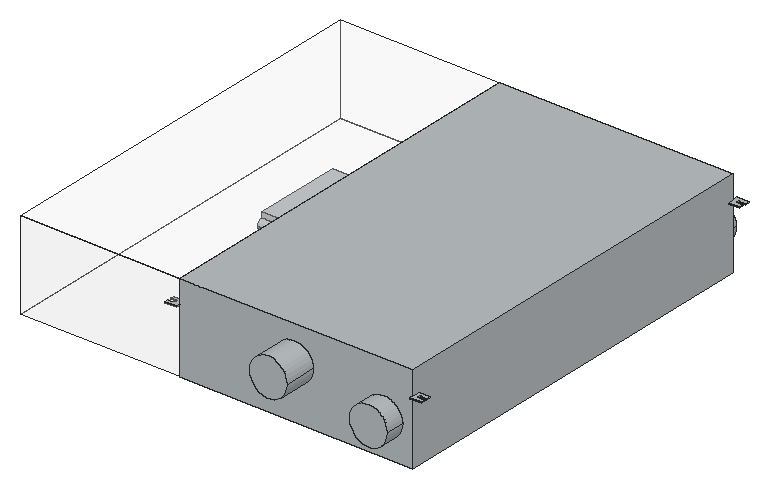
Revit family "lgh-n35_100rdf4(-dm)_60Hz", category 機械設備, Revit 2019
Family settings
  丸型コネクタ寸法 = 直径を使用
  パーツ タイプ = 標準
  OmniClass 番号 = 23.75.10.34.21
  OmniClass タイトル = Heat Exchangers for Ventilation Air
  作業面ベース = いいえ
  常に垂直 = はい
  ロード時にボイドで切り取り = いいえ
  共有 = いいえ
  部屋計算ポイント = はい
Parameters (values of type "LGH-N35RDF4-DM")
  騒音レベル(dB(A)) = 37
  風量 = MAX風量  # 350.0 m³/h
  面風速 = 5.5 m/s
  電源種別 [instance] = ""
  電圧 = 200 V
  電動機出力 = 0 W
  集中コントローラ = ""
  運転質量 = 0.00 kg
  連動 [instance] = ""
  質量 = if(製品質量 > 運転質量, 製品質量, 運転質量) * 1.2  # 73.20 kg
  負荷分類 = 3_ファン類
  説明 = "業務用ロスナイ 外気処理ユニット(天井埋込形加熱加湿付直膨タイプ)"
  設計風量 = 0.0 m³/h
  設置方法 = "天井吊(隠ぺい)形"
  記号 [instance] = ""
  製造元 = "三菱電機株式会社"
  製品質量 = 61.00 kg
  製品出荷対象 = "国内"
  製品リリース年月 = "2023/3/14"
  製品グループ = ""
  給水管_W = 446 mm
  給水管_H = 123 mm
  給水管_Depth = 29 mm
  系統 [instance] = ""
  符号 = "HEU"
  積算_科目 = "1 空気調和設備"
  積算_拾い区分 [instance] = ""
  相 = 1
  盤記号 [instance] = ""
  発停方法 [instance] = ""
  特殊仕様 [instance] = ""
  点検口高さ = -Height  # -331 mm
  点検口離隔 = 150 mm
  点検口2_Width = 点検口2_Depth  # 450 mm
  点検口1_Width = 点検口1_Depth  # 450 mm
  点検口2_Depth = 450 mm
  点検口1_Depth = 450 mm
  点検口1_Center = 444 mm
  点検口 = yes
  火災停止 [instance] = ""
  温度交換効率 = 70.50%
  消費電力_加湿器 = 0 W
  消費電力 = 235 W
  法定耐用年数 = "15"
  機外静圧_排気 = 235.0 Pa
  機外静圧 = 235.0 Pa
  極数 = 3
  材質 [instance] = ""
  本体マテリアル = 溶融亜鉛めっき鋼板
  有効加湿量 = 2.4
  操作・制御方式 = ""
  操作・制御スイッチ = ""
  排気量 = 0.0 m³/h
  形式_加湿器 = ""
  形式 = "天井埋込ダクト形"
  幹線記号 [instance] = ""
  対象室 [instance] = ""
  実風量 = 0.0 m³/h
  始動方式 [instance] = "直入"
  天吊金具_径 = 6.5 mm
  天吊金具_幅2 = 20 mm
  天吊金具_幅 = 20 mm
  天吊金具_D = 4 mm
  天吊金具_80_100 = not(天吊金具_35_50)  # no
  天吊金具_35_50 = yes
  外気量 = 0.0 m³/h
  呼称 = "全熱交換ユニット"
  周波数 = 60 Hz
  吊りボルトピッチ2 = 1493 mm
  吊りボルトピッチ1 = 922 mm
  吊りボルト_高さ = 85 mm
  参照している仕様書等のバージョン = "公共建築物標準仕様書（機械設備工事編）平成31年度版"
  加湿給水管径 = 23 mm
  初期抵抗 = 0.0 Pa
  分類コード = "50052504100070"
  分類グループ = ""
  冷媒液管径 = 6.35 mm
  冷媒液管_H = 114 mm
  冷媒液管_Depth = 105 mm
  冷媒ガス管径 = 12.7 mm
  冷媒ガス管_H = 169 mm
  価格 = 0
  企業コード = "108420"
  付属品_フィルター_還気 = ""
  付属品_フィルター = ""
  付属品 [instance] = ""
  仕様書バージョン = "Version1.0"
  モデル = "LGH-N35RDF4-DM"
  メンテナンススペース = yes
  ドレン管径 = 32 mm
  ドレン管_W = 460 mm
  ドレン管_H = 292 mm
  ドレン管_Depth = 64 mm
  コメント [instance] = ""
  Keynote = ""
  冷媒ガス管_Depth = 110 mm
  エンタルピ交換効率_暖房 = 70.00%
  エンタルピ交換効率_冷房 = 60.00%
  Assembly Code = ""
  Width = 874 mm
  Version = ""
  Uniclass2015Version = "Systems v1.9"
  Uniclass2015Title = "Thermal wheels"
  Uniclass2015Code = "Pr_60_60_36_88"
  URL = "https://www.mitsubishielectric.co.jp/ldg/wink/qr/002/324135/"
  SpecificationReference = ""
  SpecificationDescription = ""
  SAサイズ_D = 142 mm
  Revision = ""
  冷媒液管_W = 358 mm
  冷媒ガス管_W = 306 mm
  RAサイズ_D = 142 mm
  ProductInformation = ""
  OmniClassCode = "23-27 23 19 11"
  OAダクト接続口方向_通常 = yes
  OAダクト接続口方向_変更 = not(OAダクト接続口方向_通常)  # no
  OAサイズ_D = 142 mm
  MIN風量 = 154.0 m³/h
  MIN静圧 = 45.0 Pa
  MID風量 = 252.0 m³/h
  MID静圧 = 122.0 Pa
  MAX風量 = 350.0 m³/h
  MAX静圧 = 235.0 Pa
  IfcTypeProduct = ""
  IfcProduct = ""
  IfcExportType = "ROTARYWHEEL"
  IfcExportAs = "IfcAirToAirHeatRecoveryType"
  Height = 331 mm
  EAダクト接続口方向_通常 = yes
  EAダクト接続口方向_変更 = not(EAダクト接続口方向_通常)  # no
  EAサイズ_D = 142 mm
  Duct_Width_SA = 428 mm
  Duct_Pitch_SA_RA = 335 mm
  Duct_Pitch_OA_EA = 650 mm
  Duct_Height_SA = 203 mm
  Duct_Height_RA = 136 mm
  Duct_Height = 111 mm
  Duct_Depth_SA = 120 mm
  Duct_Depth_RA = 70 mm
  Duct_Depth_OA_EA = 64 mm
  Duct_Change_Center = 124 mm
  Depth = 1501 mm
  Clearance Top = 0 mm
  Clearance Left = 600 mm
  Clearance Bottom = 0 mm
  Box_Depth = 116 mm
  Box_Height = 260 mm
  Box_H = 23 mm
  Box_Width = 334 mm
  Box_W = 528 mm
  Author = "三菱電機株式会社"
Types (7, lengths in mm): name | 騒音レベル(dB(A)) | 風量 | 面風速 | 質量 | 製品質量 | 給水管_W | 給水管_H | 点検口高さ | 点検口2_Width | 点検口1_Width | 点検口2_Depth | 点検口1_Depth | 点検口1_Center | 温度交換効率 | 消費電力 | 機外静圧_排気 | 機外静圧 | 有効加湿量 | 天吊金具_径 | 天吊金具_幅2 | 天吊金具_幅 | 天吊金具_D | 天吊金具_80_100 | 天吊金具_35_50 | 吊りボルトピッチ2 | 吊りボルトピッチ1 | 吊りボルト_高さ | 冷媒液管径 | 冷媒液管_H | 冷媒液管_Depth | 冷媒ガス管径 | 冷媒ガス管_H | モデル | ドレン管_W | ドレン管_H | ドレン管_Depth | 冷媒ガス管_Depth | エンタルピ交換効率_暖房 | エンタルピ交換効率_冷房 | Width | URL | SAサイズ_D | 冷媒液管_W | 冷媒ガス管_W | RAサイズ_D | OAサイズ_D | MIN風量 | MIN静圧 | MID風量 | MID静圧 | MAX風量 | MAX静圧 | Height | EAサイズ_D | Duct_Width_SA | Duct_Pitch_SA_RA | Duct_Pitch_OA_EA | Duct_Height_SA | Duct_Height_RA | Duct_Height | Duct_Depth_SA | Duct_Depth_RA | Duct_Depth_OA_EA | Duct_Change_Center | Depth | Clearance Left | Box_H | Box_W
  LGH-N35RDF4-DM | 37 | 350.0 m³/h | 5.5 m/s | 73.20 kg | 61.00 kg | 446 | 123 | -331 | 450 | 450 | 450 | 450 | 444 | 70.50% | 235 W | 235.0 Pa | 235.0 Pa | 2.4 | 6.5 | 20 | 20 | 4 | no | yes | 1493 | 922 | 85 | 6.35 | 114 | 105 | 12.7 | 169 | "LGH-N35RDF4-DM" | 460 | 292 | 64 | 110 | 70.00% | 60.00% | 874 | "https://www.mitsubishielectric.co.jp/ldg/wink/qr/002/324135/" | 142 | 358 | 306 | 142 | 142 | 154.0 m³/h | 45.0 Pa | 252.0 m³/h | 122.0 Pa | 350.0 m³/h | 235.0 Pa | 331 | 142 | 428 | 335 | 650 | 203 | 136 | 111 | 120 | 70 | 64 | 124 | 1501 | 600 | 23 | 528
  LGH-N50RDF4 | 37.5 | 500.0 m³/h | 4.4 m/s | 76.80 kg | 64.00 kg | 446 | 123 | -331 | 450 | 450 | 450 | 450 | 444 | 74.00% | 300 W | 250.0 Pa | 250.0 Pa | 3.2 | 6.5 | 20 | 20 | 4 | no | yes | 1493 | 1064 | 85 | 6.35 | 114 | 105 | 12.7 | 169 | "LGH-N50RDF4" | 436 | 30 | 29 | 110 | 73.00% | 64.50% | 1016 | "https://www.mitsubishielectric.co.jp/ldg/wink/qr/002/324137/" | 192 | 358 | 306 | 192 | 192 | 220.0 m³/h | 48.0 Pa | 360.0 m³/h | 130.0 Pa | 500.0 m³/h | 250.0 Pa | 331 | 192 | 428 | 446 | 745 | 203 | 136 | 136 | 85 | 85 | 79 | 124 | 1501 | 600 | 23 | 528
  LGH-N50RDF4-DM | 37.5 | 500.0 m³/h | 4.4 m/s | 76.80 kg | 64.00 kg | 446 | 123 | -331 | 450 | 450 | 450 | 450 | 444 | 74.00% | 300 W | 250.0 Pa | 250.0 Pa | 3.2 | 6.5 | 20 | 20 | 4 | no | yes | 1493 | 1064 | 85 | 6.35 | 114 | 105 | 12.7 | 169 | "LGH-N50RDF4-DM" | 460 | 292 | 64 | 110 | 73.00% | 64.50% | 1016 | "https://www.mitsubishielectric.co.jp/ldg/wink/qr/002/324146/" | 192 | 358 | 306 | 192 | 192 | 220.0 m³/h | 48.0 Pa | 360.0 m³/h | 130.0 Pa | 500.0 m³/h | 250.0 Pa | 331 | 192 | 428 | 446 | 745 | 203 | 136 | 136 | 85 | 85 | 79 | 124 | 1501 | 600 | 23 | 528
  LGH-N80RDF4 | 37 | 800.0 m³/h | 4.5 m/s | 116.40 kg | 97.00 kg | 445 | 146 | -404 | 600 | 600 | 600 | 600 | 572 | 75.00% | 465 W | 240.0 Pa | 240.0 Pa | 4.8 | 7.5 | 30 | 16 | 45.2 | yes | no | 1418 | 1271 | 401 | 6.35 | 138 | 105 | 12.7 | 193 | "LGH-N80RDF4" | 421 | 29 | 29 | 110 | 72.50% | 63.50% | 1231 | "https://www.mitsubishielectric.co.jp/ldg/wink/qr/002/324141/" | 242 | 357 | 305 | 242 | 242 | 352.0 m³/h | 46.0 Pa | 576.0 m³/h | 124.0 Pa | 800.0 m³/h | 240.0 Pa | 404 | 242 | 323 | 735 | 917 | 241 | 199 | 162 | 85 | 85 | 79 | 165 | 1765 | 800 | 83 | 557
  LGH-N80RDF4-DM | 37 | 800.0 m³/h | 4.5 m/s | 116.40 kg | 97.00 kg | 445 | 146 | -404 | 600 | 600 | 600 | 600 | 572 | 75.00% | 465 W | 240.0 Pa | 240.0 Pa | 4.8 | 7.5 | 30 | 16 | 45.2 | yes | no | 1418 | 1271 | 401 | 6.35 | 138 | 105 | 12.7 | 193 | "LGH-N80RDF4-DM" | 459 | 292 | 64 | 110 | 72.50% | 63.50% | 1231 | "https://www.mitsubishielectric.co.jp/ldg/wink/qr/002/324143/" | 242 | 357 | 305 | 242 | 242 | 352.0 m³/h | 46.0 Pa | 576.0 m³/h | 124.0 Pa | 800.0 m³/h | 240.0 Pa | 404 | 242 | 323 | 735 | 917 | 241 | 199 | 162 | 85 | 85 | 79 | 165 | 1765 | 800 | 83 | 557
  LGH-N100RDF4 | 39.5 | 1000.0 m³/h | 5.7 m/s | 117.60 kg | 98.00 kg | 445 | 146 | -404 | 600 | 600 | 600 | 600 | 572 | 71.00% | 655 W | 235.0 Pa | 235.0 Pa | 6.4 | 7.5 | 30 | 16 | 45.2 | yes | no | 1418 | 1271 | 401 | 9.52 | 138 | 110 | 15.88 | 193 | "LGH-N100RDF4" | 421 | 29 | 29 | 115 | 71.00% | 62.50% | 1231 | "https://www.mitsubishielectric.co.jp/ldg/wink/qr/002/324145/" | 242 | 357 | 305 | 242 | 242 | 440.0 m³/h | 45.0 Pa | 720.0 m³/h | 122.0 Pa | 1000.0 m³/h | 235.0 Pa | 404 | 242 | 323 | 735 | 917 | 241 | 199 | 162 | 85 | 85 | 79 | 165 | 1765 | 800 | 83 | 557
  LGH-N100RDF4-DM | 39.5 | 1000.0 m³/h | 5.7 m/s | 117.60 kg | 98.00 kg | 445 | 146 | -404 | 600 | 600 | 600 | 600 | 572 | 71.00% | 655 W | 235.0 Pa | 235.0 Pa | 6.4 | 7.5 | 30 | 16 | 45.2 | yes | no | 1418 | 1271 | 401 | 9.52 | 138 | 110 | 15.88 | 193 | "LGH-N100RDF4-DM" | 459 | 292 | 64 | 115 | 71.00% | 62.50% | 1231 | "https://www.mitsubishielectric.co.jp/ldg/wink/qr/002/324133/" | 242 | 357 | 305 | 242 | 242 | 440.0 m³/h | 45.0 Pa | 720.0 m³/h | 122.0 Pa | 1000.0 m³/h | 235.0 Pa | 404 | 242 | 323 | 735 | 917 | 241 | 199 | 162 | 85 | 85 | 79 | 165 | 1765 | 800 | 83 | 557
Reference planes
  plane 1 "中心(正面/背面)": y = 0
  plane 2: z = 0
  plane 3 "中心(左/右)": x = 0
  plane 4: x = -437
  plane 5: x = 437
  plane 6: y = 750.5
  plane 7: y = -750.5
  plane 8: z = -331
  plane 9: z = -220
  plane 10: z = -128
  plane 11: x = 326
  plane 12: x = -9
  plane 13: y = -870.5
  plane 14: y = 814.5
  plane 15: x = -325
  plane 16: x = 325
  plane 17: y = -222.5
  plane 18: z = -48
  plane 19: y = 111.5
  plane 20: z = -308
  plane 21: x = -553
  plane 22: y = -444.5
  plane 23: y = -392.5
  plane 24: y = -290.5
  plane 25: y = -304.5
  plane 26: z = -162
  plane 27: z = -217
  plane 28: z = -39
  plane 29: z = -208
  plane 30: x = -547
  plane 31: x = -466
  plane 32: x = -501
  plane 33: x = -542
  plane 34: y = 626.5
  plane 35: x = -557
  plane 36: x = 557
  plane 37: x = -1037
  plane 38: z = 0
  plane 39: y = -300.5
  plane 40: x = -587
  plane 41: y = 531.5
  plane 42: x = -461
  plane 43: x = 461
  plane 44: y = -746.5
  plane 45: y = 746.5
  plane 46: y = 306.5
  plane 47: y = 81.5
  plane 48: x = -481
  plane 49: x = 481
  plane 50: y = 726.5
  plane 51: y = 766.5
  plane 52: z = -85
  plane 53: z = -88
  plane 54: y = -726.5
  plane 55: y = -766.5
  plane 56: z = -331
  plane 57: z = -195
  plane 58: y = -820.5
  plane 59: y = -710.5
  plane 60: y = -782.5
  plane 61: y = 710.5
  plane 62: y = 782.5
Forms (mm)
  Extrusion 1, solid, material "溶融亜鉛めっき鋼板" <- "本体マテリアル", detail levels fine
    sketch origin (0, 0, 0) x (1, 0, 0) y (0, 1, 0)
      loop
        line (-437, 750.5) -> (-437, -750.5) -> (437, -750.5) -> (437, 750.5) -> (-437, 750.5)
    from 0 to -331
  Extrusion 2, solid, material "溶融亜鉛めっき鋼板" <- "本体マテリアル", detail levels fine
    sketch origin (0, 0, 0) x (1, 0, 0) y (0, 0, 1)
      loop
        circle (-9, -128) r 71
    from 750.5 to 870.5
  Extrusion 3, solid, material "溶融亜鉛めっき鋼板" <- "本体マテリアル", visible <- "OAダクト接続口方向_通常", detail levels fine
    sketch origin (0, 0, 0) x (1, 0, 0) y (0, 0, 1)
      loop
        circle (-325, -220) r 71
    from -814.5 to -750.5
  Extrusion 4, solid, material "溶融亜鉛めっき鋼板" <- "本体マテリアル", visible <- "EAダクト接続口方向_通常", detail levels fine
    sketch origin (0, 0, 0) x (1, 0, 0) y (0, 0, 1)
      loop
        circle (325, -220) r 71
    from -814.5 to -750.5
  Extrusion 5, solid, material "溶融亜鉛めっき鋼板" <- "本体マテリアル", detail levels fine
    sketch origin (0, 0, 0) x (0, 1, 0) y (0, 0, 1)
      loop
        line (-222.5, -48) -> (-222.5, -308) -> (111.5, -308) -> (111.5, -48) -> (-222.5, -48)
    from -553 to -437
  Extrusion 6, solid, material "溶融亜鉛めっき鋼板" <- "本体マテリアル", detail levels fine
    sketch origin (0, 0, 0) x (0, 1, 0) y (0, 0, 1)
      loop
        circle (-444.5, -162) r 6.35
    from -547 to -437
  Extrusion 7, solid, material "溶融亜鉛めっき鋼板" <- "本体マテリアル", detail levels fine
    sketch origin (0, 0, 0) x (0, 1, 0) y (0, 0, 1)
      loop
        circle (-392.5, -217) r 3.175
    from -542 to -437
  Extrusion 8, solid, material "溶融亜鉛めっき鋼板" <- "本体マテリアル", detail levels fine
    sketch origin (0, 0, 0) x (0, 1, 0) y (0, 0, 1)
      loop
        circle (-290.5, -39) r 16
    from -501 to -437
  Extrusion 9, solid, material "溶融亜鉛めっき鋼板" <- "本体マテリアル", detail levels fine
    sketch origin (0, 0, 0) x (0, 1, 0) y (0, 0, 1)
      loop
        circle (-304.5, -208) r 11.5
    from -466 to -437
  Extrusion 10, solid, material "溶融亜鉛めっき鋼板" <- "本体マテリアル", visible <- "OAダクト接続口方向_変更", detail levels fine
    sketch origin (0, 0, 0) x (0, 1, 0) y (0, 0, 1)
      loop
        circle (626.5, -220) r 71
    from -557 to -437
  Extrusion 11, solid, material "溶融亜鉛めっき鋼板" <- "本体マテリアル", visible <- "EAダクト接続口方向_変更", detail levels fine
    sketch origin (0, 0, 0) x (0, 1, 0) y (0, 0, 1)
      loop
        circle (626.5, -220) r 71
    from 437 to 557
  Extrusion 12, solid, material "溶融亜鉛めっき鋼板" <- "本体マテリアル", visible <- "天吊金具_35_50", detail levels fine
    sketch origin (0, 0, 0) x (1, 0, 0) y (0, 1, 0)
      loop
        line (-437, 766.5) -> (-481, 766.5) -> (-481, 753) -> (-461, 753)
        arc (-461, 753) -> (-454.5, 746.5) -> (-461, 740) r 6.5
        line (-461, 740) -> (-481, 740) -> (-481, 726.5) -> (-437, 726.5) -> (-437, 766.5)
    from -85 to -88
  Extrusion 13, solid, material "溶融亜鉛めっき鋼板" <- "本体マテリアル", visible <- "天吊金具_35_50", detail levels fine
    sketch origin (0, 0, 0) x (-1, 0, 0) y (0, -1, 0)
      loop
        line (-437, -766.5) -> (-437, -726.5) -> (-481, -726.5) -> (-481, -740) -> (-461, -740)
        arc (-461, -740) -> (-454.5, -746.5) -> (-461, -753) r 6.5
        line (-461, -753) -> (-481, -753) -> (-481, -766.5) -> (-437, -766.5)
    from -85 to -88
  Extrusion 14, solid, material "溶融亜鉛めっき鋼板" <- "本体マテリアル", visible <- "天吊金具_35_50", detail levels fine
    sketch origin (0, 0, 0) x (-1, 0, 0) y (0, -1, 0)
      loop
        line (-437, 766.5) -> (-481, 766.5) -> (-481, 753) -> (-461, 753)
        arc (-461, 753) -> (-454.5, 746.5) -> (-461, 740) r 6.5
        line (-461, 740) -> (-481, 740) -> (-481, 726.5) -> (-437, 726.5) -> (-437, 766.5)
    from -85 to -88
  Extrusion 15, solid, material "溶融亜鉛めっき鋼板" <- "本体マテリアル", visible <- "天吊金具_35_50", detail levels fine
    sketch origin (0, 0, 0) x (1, 0, 0) y (0, 1, 0)
      loop
        line (-437, -766.5) -> (-437, -726.5) -> (-481, -726.5) -> (-481, -740) -> (-461, -740)
        arc (-461, -740) -> (-454.5, -746.5) -> (-461, -753) r 6.5
        line (-461, -753) -> (-481, -753) -> (-481, -766.5) -> (-437, -766.5)
    from -85 to -88
  Extrusion 16, solid, material "溶融亜鉛めっき鋼板" <- "本体マテリアル", detail levels fine
    sketch origin (0, 0, 0) x (1, 0, 0) y (0, 0, 1)
      loop
        circle (326, -195) r 71
    from 750.5 to 820.5
  Extrusion 17, solid, material "溶融亜鉛めっき鋼板" <- "本体マテリアル", visible <- "天吊金具_80_100", detail levels fine
    sketch origin (0, 0, 0) x (1, 0, 0) y (0, 1, 0)
      loop
        line (437, -710.5) -> (437, -782.5) -> (481, -782.5) -> (481, -710.5) -> (437, -710.5)
      loop
        arc (467.5, -740) -> (461, -733.5) -> (454.5, -740) r 6.5
        line (454.5, -740) -> (454.5, -754)
        arc (454.5, -754) -> (461, -760.5) -> (467.5, -754) r 6.5
        line (467.5, -754) -> (467.5, -740)
    from -88 to -85
  Extrusion 18, solid, material "溶融亜鉛めっき鋼板" <- "本体マテリアル", visible <- "天吊金具_80_100", detail levels fine
    sketch origin (0, -258.312, 0) x (1, 0, 0) y (0, 1, 0)
      loop
        line (437, 968.812) -> (481, 968.812) -> (481, 1040.812) -> (437, 1040.812) -> (437, 968.812)
      loop
        line (454.5, 1012.312) -> (454.5, 997.312)
        arc (454.5, 997.312) -> (461, 990.812) -> (467.5, 997.312) r 6.5
        line (467.5, 997.312) -> (467.5, 1012.312)
        arc (467.5, 1012.312) -> (461, 1018.812) -> (454.5, 1012.312) r 6.5
    from -88 to -85
  Extrusion 19, solid, material "溶融亜鉛めっき鋼板" <- "本体マテリアル", visible <- "天吊金具_80_100", detail levels fine
    sketch origin (0, 0, 0) x (-1, 0, 0) y (0, -1, 0)
      loop
        line (437, 710.5) -> (481, 710.5) -> (481, 782.5) -> (437, 782.5) -> (437, 710.5)
      loop
        line (467.5, 739) -> (467.5, 754)
        arc (467.5, 754) -> (461, 760.5) -> (454.5, 754) r 6.5
        line (454.5, 754) -> (454.5, 739)
        arc (454.5, 739) -> (461, 732.5) -> (467.5, 739) r 6.5
    from -88 to -85
  Extrusion 20, solid, material "溶融亜鉛めっき鋼板" <- "本体マテリアル", visible <- "天吊金具_80_100", detail levels fine
    sketch origin (0, -258.312, 0) x (-1, 0, 0) y (0, -1, 0)
      loop
        line (437, -968.812) -> (437, -1040.812) -> (481, -1040.812) -> (481, -968.812) -> (437, -968.812)
      loop
        line (467.5, -1012.312) -> (467.5, -997.312)
        arc (467.5, -997.312) -> (461, -990.812) -> (454.5, -997.312) r 6.5
        line (454.5, -997.312) -> (454.5, -1012.312)
        arc (454.5, -1012.312) -> (461, -1018.812) -> (467.5, -1012.312) r 6.5
    from -88 to -85
Lines and regions (mm)
  Masking region 1, detail levels coarse+medium
    outline origin (0, 0, 0) x (1, 0, 0) y (0, 1, 0)
      loop
        line (-437, 750.5) -> (-437, -750.5) -> (437, -750.5) -> (437, 750.5) -> (-437, 750.5)
  symbolic lines, detail levels coarse+medium
    curve 1: line (-1.977, 747.977, 0) -> (-437, 0, 0)
    curve 2: line (-437, 0, 0) -> (1.977, -747.977, 0)
    curve 3: line (1.977, -747.977, 0) -> (437, 0, 0)
    curve 4: line (437, 0, 0) -> (-1.977, 747.977, 0)
Dimensions and locks
  equal spacing: plane 4, plane 3 "中心(左/右)", plane 5
  "Width": plane 4 to plane 5
  equal spacing: plane 6, plane 1 "中心(正面/背面)", plane 7
  "Depth": plane 6 to plane 7
  "Height": level to plane 8
  "Duct_Height": plane 9 to plane 8
  "Duct_Height_SA": plane 10 to plane 8
  "Duct_Pitch_SA_RA": plane 11 to plane 12
  "Duct_Depth_SA": plane 7 to plane 13
  "Duct_Depth_OA_EA": plane 6 to plane 14
  equal spacing: plane 15, plane 3 "中心(左/右)", plane 16
  "Duct_Pitch_OA_EA": plane 15 to plane 16
  "Box_W": plane 17 to plane 7
  "Box_Width": plane 19 to plane 17
  "Box_Height": plane 18 to plane 20
  "Box_Depth": plane 21 to plane 4
  "冷媒ガス管_W": plane 22 to plane 7
  "ドレン管_W": plane 24 to plane 7
  "給水管_W": plane 25 to plane 7
  "冷媒ガス管_H": plane 26 to plane 8
  "Box_H": plane 20 to plane 8
  "ドレン管_H": plane 8 to plane 28
  "給水管_H": plane 8 to plane 29
  "冷媒ガス管_Depth": plane 30 to plane 4
  "給水管_Depth": plane 31 to plane 4
  "ドレン管_Depth": plane 32 to plane 4
  "冷媒液管_Depth": plane 33 to plane 4
  "Duct_Change_Center": plane 6 to plane 34
  "Duct_Depth_SA": plane 35 to plane 4
  "Duct_Depth_SA": plane 5 to plane 36
  "Clearance Left": plane 37 to plane 4
  nested 1 to plane 4 = 0 mm
  "Clearance Top": level to plane 38
  "点検口2_Depth": plane 39 to plane 7
  "点検口離隔": plane 40 to plane 4
  equal spacing: plane 42, plane 3 "中心(左/右)", plane 43
  "吊りボルトピッチ1": plane 42 to plane 43
  "吊りボルトピッチ2": plane 45 to plane 44
  "点検口1_Center": plane 6 to plane 46
  equal spacing: plane 47, plane 46, plane 41
  "点検口1_Depth": plane 41 to plane 47
  "天吊金具_幅": plane 48 to plane 42
  "天吊金具_幅": plane 43 to plane 49
  locked: plane 51 to plane 50 at 40
  equal spacing: plane 51, plane 45, plane 50
  "吊りボルト_高さ": level to plane 52
  locked: plane 52 to plane 53 at 3
  locked: plane 55 to plane 54 at 40
  equal spacing: plane 55, plane 44, plane 54
  "冷媒液管_W": plane 23 to plane 7
  "Clearance Bottom": plane 8 to plane 56
  "冷媒液管_H": plane 8 to plane 27
  "Duct_Height_RA": plane 57 to plane 8
  "Duct_Depth_RA": plane 58 to plane 7
  "Duct_Width_SA": plane 12 to plane 4
  "天吊金具_D": plane 44 to plane 7
  equal spacing: plane 59, plane 44, plane 60, locked at 36 each
  locked: plane 60 to plane 59 at 72
  locked: plane 62 to plane 61 at 72
  equal spacing: plane 62, plane 45, plane 61
  "SAサイズ_D": diameter of Extrusion 2 sketch curve
  "OAサイズ_D": diameter of Extrusion 3 sketch curve
  "EAサイズ_D": diameter of Extrusion 4 sketch curve
  "冷媒ガス管径": diameter of Extrusion 6 sketch curve
  "冷媒液管径": diameter of Extrusion 7 sketch curve
  "ドレン管径": diameter of Extrusion 8 sketch curve
  "加湿給水管径": diameter of Extrusion 9 sketch curve
  "OAサイズ_D": diameter of Extrusion 10 sketch curve
  "EAサイズ_D": diameter of Extrusion 11 sketch curve
  "天吊金具_径": radius of Extrusion 12 sketch curve
  "天吊金具_径": radius of Extrusion 13 sketch curve
  "天吊金具_径": radius of Extrusion 14 sketch curve
  "天吊金具_径": radius of Extrusion 15 sketch curve
  "RAサイズ_D": diameter of Extrusion 16 sketch curve
  "天吊金具_径": radius of Extrusion 18 sketch curve  (x2)
  "天吊金具_径": radius of Extrusion 19 sketch curve  (x2)
  "天吊金具_径": radius of Extrusion 20 sketch curve  (x2)
  "天吊金具_径": radius of Extrusion 17 sketch curve  (x2)
  aligned and locked: level to plane 2
  aligned and locked: Masking region 1 to plane 7
  aligned and locked: Masking region 1 to plane 4
  aligned and locked: plane 6 to Masking region 1
  aligned and locked: plane 5 to Masking region 1
  aligned and locked: Extrusion 1 to plane 8
  aligned and locked: plane 7 to Extrusion 2
  aligned and locked: Extrusion 4 to plane 14
  aligned and locked: Extrusion 3 to plane 14
  aligned and locked: Extrusion 3 to plane 6
  aligned and locked: Extrusion 4 to plane 6
  aligned and locked: Extrusion 5 to plane 21
  aligned and locked: Extrusion 5 to plane 20
  aligned and locked: plane 17 to Extrusion 5
  aligned and locked: Extrusion 5 to plane 19
  aligned and locked: plane 18 to Extrusion 5
  aligned and locked: Extrusion 6 to plane 30
  aligned and locked: plane 4 to Extrusion 6
  aligned and locked: plane 4 to Extrusion 9
  aligned and locked: Extrusion 9 to plane 31
  aligned and locked: Extrusion 8 to plane 32
  aligned and locked: plane 4 to Extrusion 8
  aligned and locked: Extrusion 7 to plane 33
  aligned and locked: plane 4 to Extrusion 7
  aligned and locked: Extrusion 10 to plane 35
  aligned and locked: plane 4 to Extrusion 10
  aligned and locked: plane 36 to Extrusion 11
  aligned and locked: Extrusion 11 to plane 5
  aligned and locked: plane 4 to nested 1
  aligned and locked: plane 37 to nested 1
  aligned and locked: nested 1 to plane 6
  aligned and locked: nested 1 to plane 7
  aligned and locked: plane 43 to nested 2
  aligned and locked: plane 45 to nested 2
  aligned and locked: nested 2 to plane 44
  aligned and locked: plane 42 to nested 2
  aligned and locked: plane 40 to nested 3
  aligned and locked: nested 3 to plane 41
  aligned and locked: plane 40 to nested 4
  aligned and locked: plane 7 to nested 4
  aligned and locked: plane 39 to nested 4
  aligned and locked: plane 47 to nested 3
  aligned and locked: Extrusion 12 to plane 48  (x2)
  aligned and locked: Extrusion 12 to plane 51
  aligned and locked: Extrusion 12 to plane 50
  aligned and locked: Extrusion 12 to Masking region 1
  aligned and locked: Extrusion 12 to plane 52
  aligned and locked: Extrusion 12 to plane 53
  aligned and locked: Extrusion 13 to plane 49  (x2)
  aligned and locked: Extrusion 13 to plane 51
  aligned and locked: Extrusion 13 to plane 50
  aligned and locked: Extrusion 13 to Masking region 1
  aligned and locked: Extrusion 14 to plane 55
  aligned and locked: Extrusion 14 to plane 54
  aligned and locked: Extrusion 15 to plane 55
  aligned and locked: Extrusion 15 to plane 48  (x2)
  aligned and locked: Extrusion 15 to plane 54
  aligned and locked: Extrusion 15 to Masking region 1
  aligned and locked: Extrusion 15 to Extrusion 12  (x2)
  aligned and locked: Extrusion 14 to plane 53
  aligned and locked: plane 52 to Extrusion 14
  aligned and locked: plane 52 to Extrusion 13
  aligned and locked: Extrusion 13 to plane 53
  aligned and locked: Extrusion 5 to Masking region 1
  aligned and locked: Extrusion 2 to plane 13
  aligned and locked: Extrusion 16 to Masking region 1
  aligned and locked: plane 38 to nested 1
  aligned and locked: plane 56 to nested 1
  aligned and locked: plane 58 to Extrusion 16
  aligned and locked: Extrusion 17 sketch curve to plane 59
  aligned and locked: Extrusion 17 sketch curve to plane 49
  aligned and locked: Extrusion 17 sketch curve to plane 60
  aligned and locked: Extrusion 17 sketch curve to plane 5
  aligned and locked: plane 52 to Extrusion 17
  aligned and locked: Extrusion 17 to plane 53
  aligned and locked: plane 61 to Extrusion 18 sketch curve
  aligned and locked: plane 62 to Extrusion 18 sketch curve
  aligned and locked: plane 49 to Extrusion 18 sketch curve
  aligned and locked: plane 5 to Extrusion 18 sketch curve
  aligned and locked: plane 52 to Extrusion 18
  aligned and locked: Extrusion 18 to plane 53
  aligned and locked: Extrusion 19 to plane 59
  aligned and locked: Extrusion 19 to plane 48
  aligned and locked: plane 4 to Extrusion 19
  aligned and locked: Extrusion 19 to plane 60
  aligned and locked: Extrusion 20 to plane 62
  aligned and locked: plane 4 to Extrusion 20
  aligned and locked: Extrusion 20 to plane 61
  aligned and locked: Extrusion 20 to plane 48
  aligned and locked: plane 52 to Extrusion 19
  aligned and locked: Extrusion 19 to plane 53
  aligned and locked: plane 52 to Extrusion 20
  aligned and locked: Extrusion 20 to plane 53
  aligned and locked: Extrusion 14 to Extrusion 17 sketch curve
Automatic sketch dimensions
  plane 1 "中心(正面/背面)" to curve 1 = 0 mm
  curve 1 to plane 4 = 0 mm
  plane 1 "中心(正面/背面)" to curve 4 = 0 mm
  curve 4 to plane 5 = 0 mm
  curve 4 to plane 3 "中心(左/右)" = 1.977 mm
  plane 3 "中心(左/右)" to curve 3 = 1.977 mm
  plane 7 to curve 3 = 2.523 mm
  curve 4 to plane 6 = 2.523 mm
  Masking region 1 sketch curve to plane 4 = 0 mm
  Masking region 1 sketch curve to plane 5 = 0 mm
  Masking region 1 sketch curve to plane 7 = 0 mm
  Masking region 1 sketch curve to plane 6 = 0 mm
  Extrusion 1 sketch curve to plane 4 = 0 mm
  Extrusion 1 sketch curve to plane 5 = 0 mm
  Extrusion 1 sketch curve to plane 7 = 0 mm
  Extrusion 1 sketch curve to plane 6 = 0 mm
  Extrusion 2 sketch curve to plane 10 = 0 mm
  Extrusion 2 sketch curve to plane 12 = 0 mm
  Extrusion 3 sketch curve to plane 9 = 0 mm
  plane 15 to Extrusion 3 sketch curve = 0 mm
  Extrusion 4 sketch curve to plane 9 = 0 mm
  plane 16 to Extrusion 4 sketch curve = 0 mm
  Extrusion 5 sketch curve to plane 17 = 0 mm
  Extrusion 5 sketch curve to plane 19 = 0 mm
  Extrusion 5 sketch curve to plane 20 = 0 mm
  Extrusion 5 sketch curve to plane 18 = 0 mm
  Extrusion 6 sketch curve to plane 22 = 0 mm
  Extrusion 6 sketch curve to plane 26 = 0 mm
  Extrusion 7 sketch curve to plane 23 = 0 mm
  plane 27 to Extrusion 7 sketch curve = 0 mm
  Extrusion 8 sketch curve to plane 24 = 0 mm
  plane 28 to Extrusion 8 sketch curve = 0 mm
  Extrusion 9 sketch curve to plane 25 = 0 mm
  plane 29 to Extrusion 9 sketch curve = 0 mm
  Extrusion 10 sketch curve to plane 9 = 0 mm
  Extrusion 10 sketch curve to plane 34 = 0 mm
  Extrusion 11 sketch curve to plane 9 = 0 mm
  Extrusion 11 sketch curve to plane 34 = 0 mm
  Extrusion 12 sketch curve to plane 48 = 0 mm  (x2)
  Extrusion 12 sketch curve to plane 42 = 0 mm
  Extrusion 12 sketch curve to plane 4 = 0 mm
  Extrusion 12 sketch curve to plane 50 = 0 mm
  Extrusion 12 sketch curve to plane 45 = 0 mm
  plane 51 to Extrusion 12 sketch curve = 0 mm
  Extrusion 13 sketch curve to plane 49 = 0 mm  (x2)
  Extrusion 13 sketch curve to plane 43 = 0 mm
  Extrusion 13 sketch curve to plane 5 = 0 mm
  Extrusion 13 sketch curve to plane 50 = 0 mm
  Extrusion 13 sketch curve to plane 45 = 0 mm
  plane 51 to Extrusion 13 sketch curve = 0 mm
  Extrusion 14 sketch curve to plane 49 = 0 mm  (x2)
  Extrusion 14 sketch curve to plane 43 = 0 mm
  Extrusion 14 sketch curve to plane 5 = 0 mm
  plane 54 to Extrusion 14 sketch curve = 0 mm
  Extrusion 14 sketch curve to plane 44 = 0 mm
  Extrusion 14 sketch curve to plane 55 = 0 mm
  Extrusion 15 sketch curve to plane 48 = 0 mm  (x2)
  Extrusion 15 sketch curve to plane 42 = 0 mm
  Extrusion 15 sketch curve to plane 4 = 0 mm
  plane 54 to Extrusion 15 sketch curve = 0 mm
  Extrusion 15 sketch curve to plane 44 = 0 mm
  Extrusion 15 sketch curve to plane 55 = 0 mm
  Extrusion 16 sketch curve to plane 11 = 0 mm
  Extrusion 16 sketch curve to plane 57 = 0 mm
  Extrusion 18 sketch curve to plane 43 = 0 mm
  Extrusion 18 sketch curve to plane 45 = 7.5 mm
  plane 45 to Extrusion 18 sketch curve = 7.5 mm
  Extrusion 19 sketch curve to plane 4 = 0 mm
  Extrusion 19 sketch curve to plane 42 = 0 mm
  Extrusion 19 sketch curve to plane 48 = 0 mm
  Extrusion 19 sketch curve to plane 60 = 0 mm
  plane 59 to Extrusion 19 sketch curve = 0 mm
  plane 44 to Extrusion 19 sketch curve = 7.5 mm
  Extrusion 19 sketch curve to plane 44 = 7.5 mm
  Extrusion 20 sketch curve to plane 4 = 0 mm
  Extrusion 20 sketch curve to plane 42 = 0 mm
  Extrusion 20 sketch curve to plane 48 = 0 mm
  plane 62 to Extrusion 20 sketch curve = 0 mm
  Extrusion 20 sketch curve to plane 61 = 0 mm
  plane 45 to Extrusion 20 sketch curve = 7.5 mm
  Extrusion 20 sketch curve to plane 45 = 7.5 mm
  Extrusion 17 sketch curve to plane 43 = 0 mm
  Extrusion 17 sketch curve to plane 44 = 7.5 mm
Nested families
  nested 1: "メンテナンススペース" at (-737, 0, -165.5), visible <- "メンテナンススペース", type "メンテナンススペース"
    with Width 600 mm, Height 331 mm, Depth 1501 mm
  nested 2: "固定点" at (-461, -746.5, 0), type "固定点"
    with W 922 mm, D 1493 mm
  nested 3: "点検口設置範囲" at (-812, 306.5, -331), Width <- "点検口1_Width", built-in parameter 1001364 <- "点検口高さ", visible <- "点検口", type "点検口設置範囲"
    with Width 450 mm, Depth 450 mm
  nested 4: "点検口設置範囲" at (-812, -525.5, -331), Width <- "点検口2_Width", built-in parameter 1001364 <- "点検口高さ", visible <- "点検口", type "点検口設置範囲"
    with Width 450 mm, Depth 450 mm
Connectors
  electrical at (-495, -222.5, -178), driven by "極数", driven by "負荷分類", driven by "電圧", driven by "消費電力"
    settings: on Extrusion 5, index 1, voltage 200 V, apparent load 235 VA, apparent load phase1 0 VA, apparent load phase2 0 VA, apparent load phase3 0 VA, power factor 1, load classification "3_ファン類", number of poles 3, system type 30, power factor state 1, is connector primary yes, connector utility no, sub classification motor no, connector description ""
  piping at (-547, -444.5, -162), diameter 12.7, driven by "冷媒ガス管径"
    settings: on Extrusion 6, index 2, connector inside diameter 609.6 mm, connector length 0 mm, flow factor 0, pipe flow 0.0 L/s, pressure drop 0.0 Pa, fitting loss kfactor 0, connector angle 0.00°, fixture units 0, engagement length 0 mm, angle of deflection 0.00°, flow configuration 0, flow direction 1, fitting loss method 0, system type 7, joint type 0, gender type 0, connector reference index -1, connector utility 0, adjustable connector no, is connector primary yes, connector description ""
  piping at (-466, -304.5, -208), diameter 23, driven by "加湿給水管径"
    settings: on Extrusion 9, index 3, connector inside diameter 609.6 mm, connector length 0 mm, flow factor 0, pipe flow 0.0 L/s, pressure drop 0.0 Pa, fitting loss kfactor 0, connector angle 0.00°, fixture units 0, engagement length 0 mm, angle of deflection 0.00°, flow configuration 0, flow direction 1, fitting loss method 0, system type 19, joint type 0, gender type 0, connector reference index -1, connector utility 0, adjustable connector no, is connector primary no, connector description ""
  piping at (-542, -392.5, -217), diameter 6.35, driven by "冷媒液管径"
    settings: on Extrusion 7, index 4, connector inside diameter 609.6 mm, connector length 0 mm, flow factor 0, pipe flow 0.0 L/s, pressure drop 0.0 Pa, fitting loss kfactor 0, connector angle 0.00°, fixture units 0, engagement length 0 mm, angle of deflection 0.00°, flow configuration 0, flow direction 1, fitting loss method 0, system type 7, joint type 0, gender type 0, connector reference index -1, connector utility 0, adjustable connector no, is connector primary no, connector description ""
  piping at (-501, -290.5, -39), diameter 32, driven by "ドレン管径"
    settings: on Extrusion 8, index 5, connector inside diameter 609.6 mm, connector length 0 mm, flow factor 0, pipe flow 0.0 L/s, pressure drop 0.0 Pa, fitting loss kfactor 0, connector angle 0.00°, fixture units 0, engagement length 0 mm, angle of deflection 0.00°, flow configuration 0, flow direction 2, fitting loss method 0, system type 16, joint type 0, gender type 0, connector reference index -1, connector utility 0, adjustable connector no, is connector primary no, connector description ""
  hvac at (-9, -870.5, -128), driven by "SAサイズ_D", driven by "MAX静圧", driven by "風量"
    settings: on Extrusion 2, index 6, duct flow 350.0 m³/h, flow factor 0, pres drop 235.0 Pa, loss coef 0, conn angle 0.00°, conn width 304.8 mm, conn height 304.8 mm, conn diameter 142 mm, duct sys type 1, conn prof type 0, flow config 1, flow direction 2, loss method 4, conn ref index -1, conn util no, is conn primary yes, conn desc ""
  hvac at (325, 814.5, -220), driven by "機外静圧_排気", driven by "排気量", driven by "EAサイズ_D"
    settings: on Extrusion 4, index 8, duct flow 0.0 m³/h, flow factor 0, pres drop 235.0 Pa, loss coef 0, conn angle 0.00°, conn width 304.8 mm, conn height 304.8 mm, conn diameter 142 mm, duct sys type 3, conn prof type 0, flow config 0, flow direction 2, loss method 4, conn ref index -1, conn util no, is conn primary no, conn desc ""
  hvac at (-325, 814.5, -220), driven by "機外静圧", driven by "外気量", driven by "OAサイズ_D"
    settings: on Extrusion 3, index 9, duct flow 0.0 m³/h, flow factor 0, pres drop 235.0 Pa, loss coef 0, conn angle 0.00°, conn width 304.8 mm, conn height 304.8 mm, conn diameter 142 mm, duct sys type 4, conn prof type 0, flow config 0, flow direction 1, loss method 4, conn ref index -1, conn util no, is conn primary no, conn desc ""
  hvac at (-557, 626.5, -220), driven by "OAサイズ_D", driven by "機外静圧", driven by "風量"
    settings: on Extrusion 10, index 10, duct flow 350.0 m³/h, flow factor 0, pres drop 235.0 Pa, loss coef 0, conn angle 0.00°, conn width 304.8 mm, conn height 304.8 mm, conn diameter 142 mm, duct sys type 3, conn prof type 0, flow config 0, flow direction 1, loss method 4, conn ref index -1, conn util no, is conn primary no, conn desc ""
  hvac at (557, 626.5, -220), driven by "EAサイズ_D", driven by "機外静圧_排気", driven by "排気量"
    settings: on Extrusion 11, index 11, duct flow 0.0 m³/h, flow factor 0, pres drop 235.0 Pa, loss coef 0, conn angle 0.00°, conn width 304.8 mm, conn height 304.8 mm, conn diameter 142 mm, duct sys type 3, conn prof type 0, flow config 0, flow direction 2, loss method 4, conn ref index -1, conn util no, is conn primary no, conn desc ""
  hvac at (326, -820.5, -195), driven by "RAサイズ_D", driven by "機外静圧", driven by "風量"
    settings: on Extrusion 16, index 12, duct flow 350.0 m³/h, flow factor 0, pres drop 235.0 Pa, loss coef 0, conn angle 0.00°, conn width 304.8 mm, conn height 304.8 mm, conn diameter 142 mm, duct sys type 2, conn prof type 0, flow config 0, flow direction 1, loss method 4, conn ref index -1, conn util no, is conn primary no, conn desc ""
Definition of nested family "メンテナンススペース"
  Parameters (values of type "メンテナンススペース")
    Width [instance] = 500 mm
    Height [instance] = 500 mm
    Depth [instance] = 500 mm
  Reference planes
    plane 1 "中心(正面/背面)": y = 0
    plane 2: z = 0
    plane 3 "中心(左/右)": x = 0
    plane 4: y = -250
    plane 5: x = 250
    plane 6: y = 250
    plane 7: x = -250
    plane 8: z = 250
    plane 9: z = -250
  Forms (mm)
    Extrusion 1, solid
      sketch origin (-638.939, 0, 72.39) x (1, 0, 0) y (0, 1, 0)
        loop
          line (388.939, 250) -> (388.939, -250) -> (888.939, -250) -> (888.939, 250) -> (388.939, 250)
      from -322.39 to 177.61
  Lines and regions (mm)
    symbolic lines
      curve 1: line (-250, 0, 250) -> (250, 0, 250)
      curve 2: line (-250, 0, -250) -> (-250, 0, 250)
      curve 3: line (250, 0, -250) -> (-250, 0, -250)
      curve 4: line (250, 0, 250) -> (250, 0, -250)
      curve 5: line (0, -250, 250) -> (0, 250, 250)
      curve 6: line (0, -250, -250) -> (0, -250, 250)
      curve 7: line (0, 250, -250) -> (0, -250, -250)
      curve 8: line (0, 250, 250) -> (0, 250, -250)
      curve 9: line (-250, 250, 0) -> (250, 250, 0)
      curve 10: line (-250, -250, 0) -> (-250, 250, 0)
      curve 11: line (250, -250, 0) -> (-250, -250, 0)
      curve 12: line (250, 250, 0) -> (250, -250, 0)
  Dimensions and locks
    equal spacing: plane 7, plane 3 "中心(左/右)", plane 5
    equal spacing: plane 4, plane 1 "中心(正面/背面)", plane 6
    "Depth": plane 4 to plane 6
    "Width": plane 7 to plane 5
    equal spacing: plane 8, plane 2, plane 9
    "Height": plane 8 to plane 9
    aligned and locked: plane 9 to curve 3
    aligned and locked: plane 7 to curve 2
    aligned and locked: curve 4 to plane 5
    aligned and locked: plane 5 to Extrusion 1
    aligned and locked: Extrusion 1 to plane 7
    aligned and locked: Extrusion 1 to plane 9
    aligned and locked: plane 8 to Extrusion 1
    aligned and locked: plane 9 to curve 7
  Automatic sketch dimensions
    plane 4 to Extrusion 1 sketch curve = 0 mm
    Extrusion 1 sketch curve to plane 7 = 0 mm
    Extrusion 1 sketch curve to plane 5 = 0 mm
    plane 6 to Extrusion 1 sketch curve = 0 mm
    curve 2 to plane 8 = 0 mm
    plane 4 to curve 11 = 0 mm
    curve 11 to plane 7 = 0 mm
    curve 11 to plane 5 = 0 mm
    plane 6 to curve 10 = 0 mm
    curve 7 to plane 4 = 0 mm
    curve 7 to plane 6 = 0 mm
    curve 6 to plane 8 = 0 mm
Definition of nested family "固定点"
  Parameters (values of type "固定点")
    中心円 = 20 mm
    W [instance] = 1000 mm
    D [instance] = 1000 mm
  Reference planes
    plane 1 "中心(正面/背面)": y = 0
    plane 2: z = 0
    plane 3 "中心(左/右)": x = 0
    plane 4: x = 1000
    plane 5: y = 1000
  Lines and regions (mm)
    symbolic lines, detail levels fine
      curve 1: circle (0, 1000, 0) r 10 normal (0, 0, 1)
      curve 2: circle (0, 0, 0) r 10 normal (0, 0, 1)
      curve 3: circle (1000, 1000, 0) r 10 normal (0, 0, 1)
      curve 4: circle (1000, 0, 0) r 10 normal (0, 0, 1)
      curve 5: line (-200, 1000, 0) -> (1200, 1000, 0)
      curve 6: line (-200, 0, 0) -> (1200, 0, 0)
      curve 7: line (0, 1200, 0) -> (0, -200, 0)
      curve 8: line (1000, 1200, 0) -> (1000, -200, 0)
  Dimensions and locks
    "W": plane 3 "中心(左/右)" to plane 4
    "D": plane 1 "中心(正面/背面)" to plane 5
    "中心円": diameter of curve 1
    "中心円": diameter of curve 2
    "中心円": diameter of curve 3
    "中心円": diameter of curve 4
    aligned and locked: level to plane 2
    aligned and locked: plane 5 to curve 1
    aligned and locked: plane 3 "中心(左/右)" to curve 1
    aligned and locked: plane 3 "中心(左/右)" to curve 2
    aligned and locked: plane 1 "中心(正面/背面)" to curve 2
    aligned and locked: plane 4 to curve 3
    aligned and locked: plane 5 to curve 3
    aligned and locked: plane 1 "中心(正面/背面)" to curve 4
    aligned and locked: plane 4 to curve 4
    aligned and locked: plane 1 "中心(正面/背面)" to curve 6
    aligned and locked: curve 7 to plane 3 "中心(左/右)"
    aligned and locked: curve 8 to plane 4
  Automatic sketch dimensions
    curve 5 to plane 5 = 0 mm
    curve 6 to plane 3 "中心(左/右)" = 200 mm
    curve 5 to plane 3 "中心(左/右)" = 200 mm
    curve 4 to curve 6 = 200 mm
    curve 3 to curve 5 = 200 mm
    plane 1 "中心(正面/背面)" to curve 8 = 200 mm
    plane 1 "中心(正面/背面)" to curve 7 = 200 mm
    curve 3 to curve 8 = 200 mm
    curve 1 to curve 7 = 200 mm
Definition of nested family "点検口設置範囲"
  Parameters (values of type "点検口設置範囲")
    Width [instance] = 1000 mm
    Depth [instance] = 700 mm
  Reference planes
    plane 1 "中心(正面/背面)": y = 0
    plane 2: z = 0
    plane 3 "中心(左/右)": x = 0
    plane 4: x = -500
    plane 5: x = 500
    plane 6: y = -350
    plane 7: y = 350
  Lines and regions (mm)
    model lines
      curve 1: line (-500, 350, 0) -> (500, 350, 0)
      curve 2: line (-500, -350, 0) -> (-500, 350, 0)
      curve 3: line (500, -350, 0) -> (-500, -350, 0)
      curve 4: line (500, 350, 0) -> (500, -350, 0)
  Dimensions and locks
    "Depth": plane 7 to plane 6
    "Width": plane 4 to plane 5
    equal spacing: plane 7, plane 1 "中心(正面/背面)", plane 6
    equal spacing: plane 4, plane 3 "中心(左/右)", plane 5
    aligned and locked: level to plane 2
    aligned and locked: plane 4 to curve 2
    aligned and locked: curve 1 to plane 7
    aligned and locked: curve 4 to plane 5
    aligned and locked: plane 6 to curve 3
